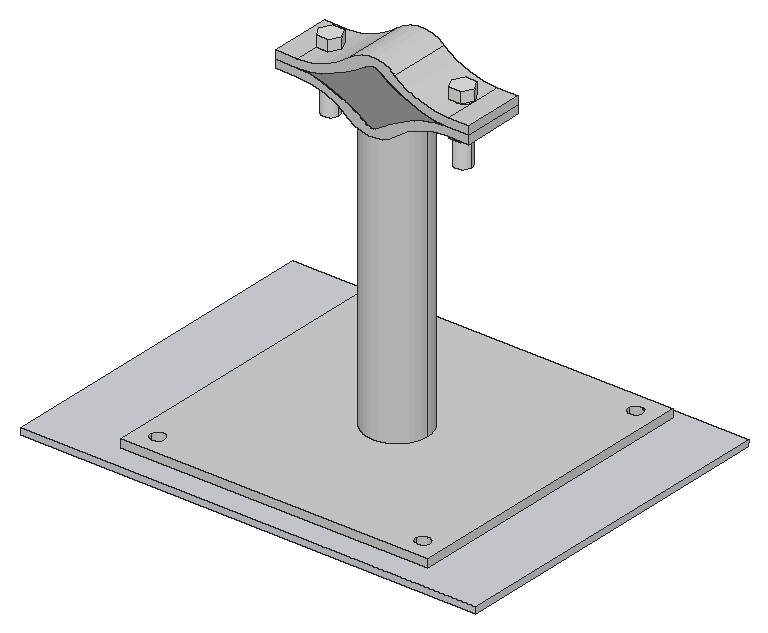
Revit family "КТ-Т015-60", category Оборудование, Revit 2018
Family settings
  Основа = Грань
  Размер круглого соединителя = Использовать диаметр
  Классификация = Нет
  Тип детали = Нормальный
  Номер OmniClass = 23.55.00.00
  Заголовок OmniClass = Manufactured Structures
  При загрузке вырезать с полостями = Нет
  Общий = Да
  Точка расчета площади = Нет
Parameters (values of type "Т001517")
  Спец.ТипМаркаОбозначДокумента [instance] = "КТ-Т015-60"
  Спец.Примечание [instance] = ""
  Спец.Позиция [instance] = ""
  Спец.НаименованиеИТехнХар [instance] = "KT-Т015-60 Кронштейн L-0.30 м для молниеприемников d-60 мм, нержавеющая сталь"
  Спец.МассаТекст [instance] = "9.0"  # constant formula
  Спец.КоличествоДеталей [instance] = 6  # constant formula
  Спец.Количество [instance] = 1  # constant formula
  Спец.КодОборудИзделияМатериала [instance] = "Т001517"
  Спец.Изготовитель [instance] = "АО «ТЭЗИЗ»"  # constant formula
  Спец.ЕдИзм [instance] = "шт."  # constant formula
  Default Elevation = 1219.2 mm
  Мтрл.ТипМатериала = Нержавеющая сталь
  ADSK_Этаж = ""
  ADSK_Примечание = ""
  ADSK_Материал обозначение = ""
  ADSK_Марка = ""
  ADSK_Зона = ""
  ADSK_URL страницы изделия = "http://www.teziz.ru/products.phtml?id=1321"
  ADSK_URL документации изделия = "http://www.teziz.ru/products.phtml?id=1321&p=2"
Reference planes
  plane 1 "По центру (Вперед/Назад)": y = 0
  plane 2: z = 0
  plane 3 "По центру (Влево/Вправо)": x = 0
  plane 4: x = -150
  plane 5: x = 150
  plane 6: y = 150
  plane 7: y = -150
  plane 8: z = 8
  plane 9: y = 30
  plane 10: y = -30
Forms (mm)
  Extrusion 1, solid
    sketch origin (0, 0, 0) x (1, 0, 0) y (0, 1, 0)
      loop
        line (-230, 160) -> (-230, -173.528) -> (216.351, -173.528) -> (216.351, 160) -> (-230, 160)
    from 0 to -6.18
  Extrusion 2, solid, material "Нержавеющая сталь" <- "Мтрл.ТипМатериала"
    sketch origin (0, 0, 0) x (1, 0, 0) y (0, 1, 0)
      loop
        line (-150, 150) -> (-150, -150) -> (150, -150) -> (150, 150) -> (-150, 150)
      loop
        circle (-130, 130) r 7
      loop
        circle (130, 130) r 7
      loop
        circle (-130, -130) r 7
      loop
        circle (130, -130) r 7
    from 0 to 8
  Extrusion 3, solid, material "Нержавеющая сталь" <- "Мтрл.ТипМатериала"
    sketch origin (0, 0, -7.474) x (1, 0, 0) y (0, 0, 1)
      loop
        line (-95, 315.474) -> (-74.034, 315.474)
        arc (-74.034, 315.474) -> (-55.272, 317.498) -> (-37.373, 323.474) r 88
        line (-37.373, 323.474) -> (-26.436, 328.486)
        arc (-26.436, 328.486) -> (-16.543, 333.708) -> (-7.296, 340.002) r 100
        arc (-7.296, 340.002) -> (0, 342.474) -> (7.296, 340.002) r 12
        arc (7.296, 340.002) -> (16.543, 333.708) -> (26.436, 328.486) r 100
        line (26.436, 328.486) -> (37.373, 323.474)
        arc (37.373, 323.474) -> (55.272, 317.498) -> (74.034, 315.474) r 88
        line (74.034, 315.474) -> (95, 315.474) -> (95, 323.474) -> (74.034, 323.474)
        arc (74.034, 323.474) -> (46.624, 328.317) -> (22.532, 342.257) r 80
        arc (22.532, 342.257) -> (0, 350.474) -> (-22.532, 342.257) r 35
        arc (-22.532, 342.257) -> (-46.624, 328.317) -> (-74.034, 323.474) r 80
        line (-74.034, 323.474) -> (-95, 323.474) -> (-95, 315.474)
    from -30 to 30
  Extrusion 4, solid, material "Нержавеющая сталь" <- "Мтрл.ТипМатериала"
    sketch origin (0, 0, 623.474) x (1, 0, 0) y (0, 0, 1)
      loop
        line (-95, -315.474) -> (-95, -323.474) -> (-74.034, -323.474)
        arc (-74.034, -323.474) -> (-46.624, -328.317) -> (-22.532, -342.257) r 80
        arc (-22.532, -342.257) -> (0, -350.474) -> (22.532, -342.257) r 35
        arc (22.532, -342.257) -> (46.624, -328.317) -> (74.034, -323.474) r 80
        line (74.034, -323.474) -> (95, -323.474) -> (95, -315.474) -> (74.034, -315.474)
        arc (74.034, -315.474) -> (55.272, -317.498) -> (37.373, -323.474) r 88
        line (37.373, -323.474) -> (26.436, -328.486)
        arc (26.436, -328.486) -> (16.543, -333.708) -> (7.296, -340.002) r 100
        arc (7.296, -340.002) -> (0, -342.474) -> (-7.296, -340.002) r 12
        arc (-7.296, -340.002) -> (-16.543, -333.708) -> (-26.436, -328.486) r 100
        line (-26.436, -328.486) -> (-37.373, -323.474)
        arc (-37.373, -323.474) -> (-55.272, -317.498) -> (-74.034, -315.474) r 88
        line (-74.034, -315.474) -> (-95, -315.474)
    from -30 to 30
  Extrusion 5, void
    sketch origin (0, 0, 0) x (1, 0, 0) y (0, 1, 0)
      loop
        circle (-65, 0) r 8.5
      loop
        circle (65, 0) r 8.5
    from 279.599 to 329.553
  Extrusion 6, solid, material "Сталь болтовая"
    sketch origin (0, 0, 0) x (1, 0, 0) y (0, 1, 0)
      loop
        circle (-65, 0) r 8
      loop
        circle (65, 0) r 8
    from 258.787 to 318.655
  Extrusion 7, solid, material "Сталь болтовая"
    sketch origin (0, 0, 0) x (1, 0, 0) y (0, 1, 0)
      loop
        line (-59.226, -10) -> (-53.453, 0) -> (-59.226, 10) -> (-70.774, 10) -> (-76.547, 0) -> (-70.774, -10) -> (-59.226, -10)
      loop
        line (59.226, -10) -> (70.774, -10) -> (76.547, 0) -> (70.774, 10) -> (59.226, 10) -> (53.453, 0) -> (59.226, -10)
    from 318.655 to 328.734
  Extrusion 8, solid, material "Сталь болтовая"
    sketch origin (0, 0, -55) x (1, 0, 0) y (0, 1, 0)
      loop
        line (-59.226, -10) -> (-53.453, 0) -> (-59.226, 10) -> (-70.774, 10) -> (-76.547, 0) -> (-70.774, -10) -> (-59.226, -10)
      loop
        line (59.226, -10) -> (70.774, -10) -> (76.547, 0) -> (70.774, 10) -> (59.226, 10) -> (53.453, 0) -> (59.226, -10)
      loop
        circle (-65, 0) r 8
      loop
        circle (65, 0) r 8
    from 338.965 to 350.507
  Extrusion 9, solid
    sketch origin (0, 0, 0) x (1, 0, 0) y (0, 1, 0)
      loop
        circle (-65, 0) r 9.354
      loop
        circle (-65, 0) r 8
      loop
        circle (65, 0) r 9.354
      loop
        circle (65, 0) r 8
    from 295.507 to 297.315
  Extrusion 10, solid, material "Нержавеющая сталь" <- "Мтрл.ТипМатериала"
    sketch origin (0, 0, 0) x (1, 0, 0) y (0, 1, 0)
      loop
        circle (0, 0) r 30
    from 0 to 295.507
  Extrusion 11, void
    sketch origin (0, 0, 0) x (1, 0, 0) y (0, 0, 1)
      loop
        arc (-22.532, 281.217) -> (0, 273) -> (22.532, 281.217) r 35
        arc (22.532, 281.217) -> (26.185, 284.113) -> (30, 286.791) r 80
        line (30, 286.791) -> (30, 295.507) -> (-30, 295.507) -> (-30, 286.791)
        arc (-30, 286.791) -> (-26.185, 284.113) -> (-22.532, 281.217) r 80
    from -30 to 30
  Extrusion 12, solid, material "Прозрачный элемент"
    sketch origin (0, -30, -7.474) x (1, 0, 0) y (0, 0, 1)
      loop
        line (37.373, 323.474) -> (26.436, 328.486)
        arc (26.436, 328.486) -> (16.543, 333.708) -> (7.296, 340.002) r 100
        arc (7.296, 340.002) -> (0, 342.474) -> (-7.296, 340.002) r 12
        arc (-7.296, 340.002) -> (-16.543, 333.708) -> (-26.436, 328.486) r 100
        line (-26.436, 328.486) -> (-37.373, 323.474)
        arc (-37.373, 323.474) -> (-55.272, 317.498) -> (-74.034, 315.474) r 88
        arc (-74.034, 315.474) -> (-55.272, 313.451) -> (-37.373, 307.474) r 88
        line (-37.373, 307.474) -> (-26.436, 302.462)
        arc (-26.436, 302.462) -> (-16.543, 297.241) -> (-7.296, 290.947) r 100
        arc (-7.296, 290.947) -> (0, 288.474) -> (7.296, 290.947) r 12
        arc (7.296, 290.947) -> (16.543, 297.241) -> (26.436, 302.462) r 100
        line (26.436, 302.462) -> (37.373, 307.474)
        arc (37.373, 307.474) -> (55.272, 313.451) -> (74.034, 315.474) r 88
        arc (74.034, 315.474) -> (55.272, 317.498) -> (37.373, 323.474) r 88
    from -60 to 0
Cuts and joins
  Extrusion 5 cuts Extrusion 2
  Extrusion 5 cuts Extrusion 3
  Extrusion 5 cuts Extrusion 4
  joined: Extrusion 6, Extrusion 7
  Extrusion 11 cuts Extrusion 10
Lines and regions (mm)
  model lines, style "InvisibleLines"
    curve 1: line (0, -30, 335) -> (0, -30, 281)
    curve 2: line (-74.034, -30, 308) -> (74.034, -30, 308)
    curve 3: line (0, 30, 335) -> (0, 30, 281)
    curve 4: line (-74.034, 30, 308) -> (74.034, 30, 308)
Dimensions and locks
  plane 8 to plane 2 = 8 mm
  equal spacing: plane 4, plane 3 "По центру (Влево/Вправо)", plane 5
  equal spacing: plane 6, plane 1 "По центру (Вперед/Назад)", plane 7
  locked: plane 4 to Extrusion 2 sketch curve at 20  (x2)
  locked: plane 6 to Extrusion 2 sketch curve at 20  (x2)
  locked: Extrusion 2 sketch curve to plane 5 at 20  (x2)
  locked: plane 7 to Extrusion 2 sketch curve at 20  (x2)
  equal spacing: plane 9, plane 1 "По центру (Вперед/Назад)", plane 10
  aligned and locked: plane 2 to Extrusion 1
  aligned and locked: level to Extrusion 1
  aligned and locked: Extrusion 2 sketch curve to plane 6
  aligned and locked: plane 4 to Extrusion 2 sketch curve
  aligned and locked: Extrusion 2 sketch curve to plane 7
  aligned and locked: Extrusion 2 sketch curve to plane 5
  aligned and locked: plane 8 to Extrusion 2
  aligned and locked: plane 9 to Extrusion 3
  aligned and locked: plane 10 to Extrusion 3
  aligned and locked: Extrusion 4 to Extrusion 3  (x2)
  aligned and locked: Extrusion 7 to Extrusion 6
  aligned and locked: plane 9 to Extrusion 11
  aligned and locked: plane 10 to Extrusion 11
Automatic sketch dimensions
  Extrusion 1 sketch curve to Extrusion 1 sketch curve = 446.351 mm
  Extrusion 1 sketch curve to Extrusion 1 sketch curve = 333.528 mm
  plane 1 "По центру (Вперед/Назад)" to Extrusion 5 sketch curve = 0 mm  (x2)
  Extrusion 5 sketch curve to plane 3 "По центру (Влево/Вправо)" = 65 mm
  plane 3 "По центру (Влево/Вправо)" to Extrusion 5 sketch curve = 65 mm
  plane 1 "По центру (Вперед/Назад)" to Extrusion 6 sketch curve = 0 mm  (x2)
  Extrusion 6 sketch curve to plane 3 "По центру (Влево/Вправо)" = 65 mm
  plane 3 "По центру (Влево/Вправо)" to Extrusion 6 sketch curve = 65 mm
  plane 1 "По центру (Вперед/Назад)" to Extrusion 7 sketch curve = 0 mm  (x4)
  plane 4 to Extrusion 7 sketch curve = 73.453 mm
  Extrusion 7 sketch curve to Extrusion 7 sketch curve = 5.774 mm  (x6)
  Extrusion 7 sketch curve to plane 1 "По центру (Вперед/Назад)" = 10 mm  (x2)
  plane 1 "По центру (Вперед/Назад)" to Extrusion 7 sketch curve = 10 mm  (x2)
  Extrusion 7 sketch curve to Extrusion 7 sketch curve = 11.547 mm  (x4)
  plane 3 "По центру (Влево/Вправо)" to Extrusion 7 sketch curve = 53.453 mm
  plane 1 "По центру (Вперед/Назад)" to Extrusion 8 sketch curve = 0 mm  (x6)
  plane 4 to Extrusion 8 sketch curve = 73.453 mm
  Extrusion 8 sketch curve to Extrusion 8 sketch curve = 5.774 mm  (x8)
  Extrusion 8 sketch curve to plane 1 "По центру (Вперед/Назад)" = 10 mm  (x2)
  plane 1 "По центру (Вперед/Назад)" to Extrusion 8 sketch curve = 10 mm  (x2)
  Extrusion 8 sketch curve to Extrusion 8 sketch curve = 11.547 mm  (x4)
  plane 3 "По центру (Влево/Вправо)" to Extrusion 8 sketch curve = 53.453 mm
  Extrusion 8 sketch curve to Extrusion 8 sketch curve = 3.547 mm  (x2)
  Extrusion 8 sketch curve to Extrusion 8 sketch curve = 0 mm  (x2)
  Extrusion 9 sketch curve to Extrusion 9 sketch curve = 0 mm  (x4)
  plane 1 "По центру (Вперед/Назад)" to Extrusion 9 sketch curve = 0 mm  (x2)
  Extrusion 9 sketch curve to plane 3 "По центру (Влево/Вправо)" = 65 mm
  plane 3 "По центру (Влево/Вправо)" to Extrusion 9 sketch curve = 65 mm
  plane 1 "По центру (Вперед/Назад)" to Extrusion 10 sketch curve = 0 mm
  Extrusion 10 sketch curve to plane 3 "По центру (Влево/Вправо)" = 0 mm
  Extrusion 3 sketch curve to Extrusion 3 sketch curve = 0 mm  (x9)
  Extrusion 3 sketch curve to plane 3 "По центру (Влево/Вправо)" = 0 mm  (x2)
  Extrusion 3 sketch curve to plane 3 "По центру (Влево/Вправо)" = 26.436 mm
  Extrusion 3 sketch curve to Extrusion 3 sketch curve = 10.937 mm  (x2)
  Extrusion 3 sketch curve to plane 3 "По центру (Влево/Вправо)" = 68.096 mm
  Extrusion 3 sketch curve to Extrusion 3 sketch curve = 5.938 mm  (x2)
  Extrusion 3 sketch curve to Extrusion 3 sketch curve = 20.966 mm  (x2)
  plane 3 "По центру (Влево/Вправо)" to Extrusion 3 sketch curve = 26.436 mm
  plane 3 "По центру (Влево/Вправо)" to Extrusion 3 sketch curve = 68.096 mm
  plane 8 to Extrusion 3 sketch curve = 300 mm
  Extrusion 3 sketch curve to Extrusion 3 sketch curve = 8 mm  (x3)
  Extrusion 3 sketch curve to Extrusion 3 sketch curve = 5.012 mm  (x2)
  Extrusion 3 sketch curve to Extrusion 3 sketch curve = 15 mm
  Extrusion 3 sketch curve to Extrusion 3 sketch curve = 15.921 mm  (x2)
  Extrusion 4 sketch curve to Extrusion 4 sketch curve = 0 mm  (x9)
  Extrusion 4 sketch curve to plane 3 "По центру (Влево/Вправо)" = 0 mm  (x2)
  plane 3 "По центру (Влево/Вправо)" to Extrusion 4 sketch curve = 26.436 mm
  Extrusion 4 sketch curve to Extrusion 4 sketch curve = 10.937 mm  (x2)
  plane 3 "По центру (Влево/Вправо)" to Extrusion 4 sketch curve = 68.096 mm
  Extrusion 4 sketch curve to Extrusion 4 sketch curve = 5.938 mm  (x2)
  Extrusion 4 sketch curve to Extrusion 4 sketch curve = 20.966 mm  (x2)
  Extrusion 4 sketch curve to plane 3 "По центру (Влево/Вправо)" = 26.436 mm
  Extrusion 4 sketch curve to plane 3 "По центру (Влево/Вправо)" = 68.096 mm
  Extrusion 4 sketch curve to plane 8 = 300 mm
  Extrusion 4 sketch curve to Extrusion 4 sketch curve = 8 mm  (x3)
  Extrusion 4 sketch curve to Extrusion 4 sketch curve = 5.012 mm  (x2)
  Extrusion 4 sketch curve to Extrusion 4 sketch curve = 15 mm
  Extrusion 4 sketch curve to Extrusion 4 sketch curve = 15.921 mm  (x2)
  Extrusion 11 sketch curve to plane 3 "По центру (Влево/Вправо)" = 0 mm
  Extrusion 11 sketch curve to plane 3 "По центру (Влево/Вправо)" = 30 mm
  Extrusion 11 sketch curve to plane 3 "По центру (Влево/Вправо)" = 74.034 mm
  plane 3 "По центру (Влево/Вправо)" to Extrusion 11 sketch curve = 30 mm
  plane 3 "По центру (Влево/Вправо)" to Extrusion 11 sketch curve = 74.034 mm
  plane 8 to Extrusion 11 sketch curve = 212 mm
  Extrusion 11 sketch curve to Extrusion 11 sketch curve = 0 mm  (x3)
  Extrusion 11 sketch curve to Extrusion 11 sketch curve = 66.791 mm
  Extrusion 11 sketch curve to Extrusion 11 sketch curve = 8.717 mm
  Extrusion 11 sketch curve to Extrusion 11 sketch curve = 12.493 mm
  curve 2 to Extrusion 3 = 0 mm
  curve 2 to Extrusion 3 = 20.966 mm  (x2)
  Extrusion 3 to curve 1 = 27 mm
  curve 2 to curve 1 = 74.034 mm
  Extrusion 3 to curve 1 = 19 mm
  curve 4 to Extrusion 3 = 0 mm
  Extrusion 3 to curve 4 = 20.966 mm  (x2)
  curve 3 to Extrusion 3 = 27 mm
  curve 4 to curve 3 = 74.034 mm
  curve 3 to Extrusion 3 = 19 mm
  Extrusion 12 sketch curve to Extrusion 3 = 0 mm  (x8)
  Extrusion 3 to Extrusion 12 sketch curve = 5.012 mm  (x2)
  Extrusion 12 sketch curve to Extrusion 12 sketch curve = 5.938 mm  (x4)
  Extrusion 12 sketch curve to Extrusion 12 sketch curve = 15.921 mm  (x2)
  Extrusion 3 to Extrusion 12 sketch curve = 16.527 mm
  Extrusion 3 to Extrusion 12 sketch curve = 7 mm
  Extrusion 12 sketch curve to Extrusion 12 sketch curve = 7.296 mm  (x3)
  Extrusion 12 sketch curve to Extrusion 12 sketch curve = 0 mm  (x4)
  Extrusion 12 sketch curve to Extrusion 3 = 26.904 mm  (x2)
  Extrusion 3 to Extrusion 12 sketch curve = 8 mm  (x2)
  Extrusion 12 sketch curve to Extrusion 3 = 20.966 mm
  Extrusion 3 to Extrusion 12 sketch curve = 13.012 mm
  Extrusion 12 sketch curve to Extrusion 12 sketch curve = 10.937 mm  (x2)
  Extrusion 12 sketch curve to Extrusion 12 sketch curve = 19.14 mm  (x2)
  radius of Extrusion 2 sketch curve = 7 mm  (x4)
  radius of Extrusion 5 sketch curve = 8.5 mm  (x2)
  radius of Extrusion 6 sketch curve = 8 mm  (x2)
  radius of Extrusion 9 sketch curve = 9.354 mm  (x2)
  radius of Extrusion 9 sketch curve = 8 mm  (x2)
  radius of Extrusion 10 sketch curve = 30 mm
  radius of Extrusion 12 sketch curve to Extrusion 3 = 0 mm
